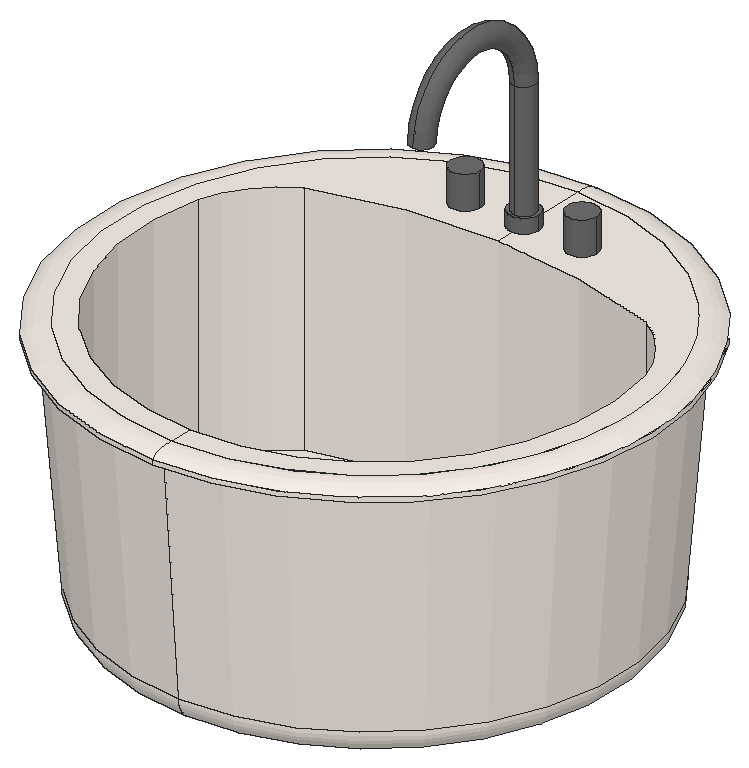
Revit family "M_Vão da pia-Redondo", category Peças hidrossanitárias, Revit 2019
Family settings
  Cota do conector redondo = Utilizar diâmetro
  Tipo de parte = Normal
  Número OmniClass = 23.45.05.14.14
  Título OmniClass = Sinks/Lavatories
  ID de item do Seek = Sink Vanity-Round-0000-CAN-ENU
  Com base no plano de trabalho = Não
  Sempre na vertical = Sim
  Corte com vazios quando carregada = Não
  Compartilhado = Sim
  Ponto de cálculo do ambiente = Não
Parameters (values of type "482 x 482mm")
  Material da cuba = Porcelana, Linho
  Material hidráulico = Aço, Polido
  Topo do balcão [instance] = 750.00 mm
Reference planes
  plane 1: z = 0
  plane 2 "Centro (Esquerda/Direita)": x = 96.652
  plane 3 "Topo do balcão": z = 750
  plane 4: z = 759.525
  plane 5: x = -144.648
  plane 6: x = 337.952
  plane 7: y = 85.168
  plane 8: y = 326.468
  plane 9: y = -156.132
  plane 10: y = 136.253
  plane 11 "frio": x = 147.452
  plane 12 "quente": x = 45.852
  plane 13: y = 247.093
  plane 14 "varrer": x = 96.652
  plane 15: y = 247.093
  plane 16: z = 788.1
  plane 17: z = 534.1
  plane 18: z = 771.76
  plane 19: z = 555.284
Forms (mm)
  Revolve 1, solid, material "Porcelana, Linho" <- "Material da cuba"
    sketch origin (96.652, 0, 0) x (0, 1, 0) y (0, 0, 1)
      loop
        line (326.468, 750) -> (326.468, 753.969)
        arc (326.468, 753.969) -> (316.651, 758.824) -> (305.722, 759.525) r 27.884
        line (305.722, 759.525) -> (85.168, 759.525) -> (85.168, 534.1) -> (277.462, 534.1)
        arc (277.462, 534.1) -> (292.221, 540.344) -> (298.018, 555.284) r 20.566
        line (298.018, 555.284) -> (314.561, 750) -> (326.468, 750)
      axis (85.168, 759.525) -> (85.168, 534.1)
    angle from 0 to 360
  Extrusion 2, solid, material "Aço, Polido" <- "Material hidráulico"
    sketch origin (0, 0, 0) x (1, 0, 0) y (0, 1, 0)
      loop
        circle (147.452, 247.093) r 12.7
    from 788.1 to 759.525
  Extrusion 3, solid, material "Aço, Polido" <- "Material hidráulico"
    sketch origin (-101.6, 0, 0) x (1, 0, 0) y (0, 1, 0)
      loop
        circle (147.452, 247.093) r 12.7
    from 788.1 to 759.525
  Extrusion 4, solid, material "Aço, Polido" <- "Material hidráulico"
    sketch origin (-50.8, 0, 0) x (1, 0, 0) y (0, 1, 0)
      loop
        circle (147.452, 247.093) r 12.7
    from 759.525 to 771.76
  Sweep 5, solid, material "Aço, Polido" <- "Material hidráulico"
    path origin (96.652, 0, 0) x (0, -1, 0) y (0, 0, 1)
      loop
        line (-247.093, 759.525) -> (-247.093, 872.238)
        arc (-247.093, 872.238) -> (-191.673, 927.658) -> (-136.253, 872.238) r 55.42
    profile origin (96.652, 0, 815.881) x (0, 1, 0) y (-1, 0, 0)
      loop
        circle (247.093, 0) r 9.525
  Extrusion 6, void
    sketch origin (0, 0, 0) x (1, 0, 0) y (0, 1, 0)
      loop
        arc (-52.153, 194.086) -> (-80.443, 169.371) -> (-98.17, 136.253) r 104.55
        arc (-98.17, 136.253) -> (96.652, -116.241) -> (291.474, 136.253) r 201.408
        arc (291.474, 136.253) -> (273.746, 169.371) -> (245.457, 194.086) r 104.55
        arc (245.457, 194.086) -> (96.652, 219.266) -> (-52.153, 194.086) r 452.283
    from 759.525 to 555.284
Cuts and joins
  Extrusion 6 cuts Revolve 1
  Extrusion 6 cuts Extrusion 2
  Extrusion 6 cuts Extrusion 3
  Extrusion 6 cuts Extrusion 4
  Extrusion 6 cuts Sweep 5
  joined: Extrusion 4, Sweep 5
Lines and regions (mm)
  Masking region 1
    outline origin (0, 0, 750) x (0, -1, 0) y (1, 0, 0)
      loop
        circle (-85.168, 96.652) r 241.3
  symbolic lines
    curve 1: arc (337.952, 85.168, 750) -> (96.652, 326.468, 750) -> (-144.648, 85.168, 750) r 241.3
    curve 2: arc (-144.648, 85.168, 750) -> (96.652, -156.132, 750) -> (337.952, 85.168, 750) r 241.3
    curve 3: arc (117.289, 85.168, 750) -> (96.652, 105.805, 750) -> (76.014, 85.168, 750) r 20.637
    curve 4: arc (76.014, 85.168, 750) -> (96.652, 64.53, 750) -> (117.289, 85.168, 750) r 20.637
    curve 5: arc (160.152, 247.093, 750) -> (147.452, 259.793, 750) -> (134.752, 247.093, 750) r 12.7
    curve 6: arc (134.752, 247.093, 750) -> (147.452, 234.393, 750) -> (160.152, 247.093, 750) r 12.7
    curve 7: arc (106.177, 247.093, 750) -> (96.652, 256.618, 750) -> (87.127, 247.093, 750) r 9.525
    curve 8: arc (58.552, 247.093, 750) -> (45.852, 259.793, 750) -> (33.152, 247.093, 750) r 12.7
    curve 9: arc (33.152, 247.093, 750) -> (45.852, 234.393, 750) -> (58.552, 247.093, 750) r 12.7
    curve 10: arc (-98.17, 136.253, 750) -> (96.652, -116.241, 750) -> (291.474, 136.253, 750) r 201.408
    curve 11: arc (-98.17, 136.253, 750) -> (-80.443, 169.371, 750) -> (-52.153, 194.086, 750) r 104.55
    curve 12: arc (291.474, 136.253, 750) -> (273.746, 169.371, 750) -> (245.457, 194.086, 750) r 104.55
    curve 13: arc (-52.153, 194.086, 750) -> (16.5, 212.107, 750) -> (87.127, 219.166, 750) r 452.283
    curve 14: line (87.127, 247.093, 750) -> (87.127, 136.253, 750)
    curve 15: line (106.177, 247.093, 750) -> (106.177, 136.253, 750)
    curve 16: arc (87.127, 136.253, 750) -> (96.652, 126.728, 750) -> (106.177, 136.253, 750) r 9.525
    curve 17: arc (106.177, 219.166, 750) -> (176.804, 212.107, 750) -> (245.457, 194.086, 750) r 452.283
Dimensions and locks
  locked: plane 4 to plane 3 "Topo do balcão" at 9.525
  locked: plane 5 to plane 2 "Centro (Esquerda/Direita)" at 241.3
  locked: plane 2 "Centro (Esquerda/Direita)" to plane 6 at 241.3
  plane 7 to plane 8 = 241.30 mm
  plane 9 to plane 7 = 241.30 mm
  locked: plane 12 "quente" to plane 2 "Centro (Esquerda/Direita)" at 50.8
  locked: plane 2 "Centro (Esquerda/Direita)" to plane 11 "frio" at 50.8
  locked: plane 13 to plane 8 at 79.375
  "Topo do balcão": plane 3 "Topo do balcão" to plane 1
  locked: plane 16 to plane 3 "Topo do balcão" at 38.1
  locked: plane 3 "Topo do balcão" to plane 17 at 215.9
  locked: plane 18 to plane 4 at 12.235
  locked: plane 19 to plane 17 at 21.184
  aligned and locked: plane 16 to Extrusion 2
  aligned and locked: plane 4 to Extrusion 2
  aligned and locked: Extrusion 2 to Extrusion 3
  aligned and locked: plane 4 to Extrusion 3
  aligned and locked: Revolve 1 sketch curve to plane 17
  aligned and locked: Extrusion 6 to plane 4
  aligned and locked: plane 4 to Extrusion 4
  aligned and locked: Masking region 1 sketch curve to curve 2
  aligned and locked: Revolve 1 to Extrusion 6
  aligned and locked: cut or joined group of Extrusion 4, Sweep 5, Extrusion 6 to plane 18
Automatic sketch dimensions
  Extrusion 2 sketch curve to plane 13 = 0.00 mm
  Extrusion 2 sketch curve to plane 11 "frio" = 0.00 mm
  Extrusion 2 sketch curve to Extrusion 2 sketch curve = 12.70 mm
  Extrusion 3 sketch curve to Extrusion 3 sketch curve = 12.70 mm
  Extrusion 3 sketch curve to plane 13 = 0.00 mm
  Extrusion 3 sketch curve to plane 11 "frio" = 101.60 mm
  Extrusion 4 sketch curve to Extrusion 4 sketch curve = 12.70 mm
  Extrusion 4 sketch curve to plane 13 = 0.00 mm
  Extrusion 4 sketch curve to plane 11 "frio" = 50.80 mm
  Sweep 5 sketch curve to plane 13 = 0.00 mm
  Sweep 5 sketch curve to plane 10 = 0.00 mm
  Sweep 5 sketch curve to plane 4 = 0.00 mm
  Sweep 5 sketch curve to plane 3 "Topo do balcão" = 122.238 mm
  Sweep 5 sketch curve to plane 14 "varrer" = 0.00 mm
  Sweep 5 sketch curve to profile plane = 0.00 mm
  profile plane to Sweep 5 sketch curve = 9.525 mm
  Revolve 1 sketch curve to plane 7 = 0.00 mm  (x2)
  Revolve 1 sketch curve to level = 0.00 mm
  Revolve 1 sketch curve to plane 4 = 0.00 mm  (x2)
  Revolve 1 sketch curve to plane 3 "Topo do balcão" = 0.00 mm
  Revolve 1 sketch curve to plane 8 = 0.00 mm
  plane 8 to Revolve 1 sketch curve = 49.006 mm
  Revolve 1 sketch curve to Revolve 1 sketch curve = 20.556 mm
  plane 8 to Revolve 1 sketch curve = 20.745 mm
  Revolve 1 sketch curve to Revolve 1 sketch curve = 17.03 mm
  plane 8 to Revolve 1 sketch curve = 11.906 mm
  Revolve 1 sketch curve to Revolve 1 sketch curve = 20.566 mm
  Revolve 1 sketch curve to Revolve 1 sketch curve = 18.111 mm
  Extrusion 6 sketch curve to plane 10 = 0.00 mm  (x2)
  Extrusion 6 sketch curve to plane 2 "Centro (Esquerda/Direita)" = 0.00 mm  (x2)
  Extrusion 6 sketch curve to plane 7 = 0.00 mm
  Extrusion 6 sketch curve to plane 7 = 19.108 mm  (x2)
  Extrusion 6 sketch curve to plane 2 "Centro (Esquerda/Direita)" = 95.283 mm
  Extrusion 6 sketch curve to Extrusion 6 sketch curve = 53.522 mm
  Extrusion 6 sketch curve to Extrusion 6 sketch curve = 46.017 mm
  plane 2 "Centro (Esquerda/Direita)" to Extrusion 6 sketch curve = 95.283 mm
  plane 9 to Extrusion 6 sketch curve = 76.885 mm
  curve 1 to curve 3 = 0.00 mm  (x2)
  curve 1 to curve 10 = 0.00 mm  (x2)
  curve 13 to curve 17 = 0.00 mm  (x2)
  curve 9 to plane 12 "quente" = 0.00 mm
  curve 9 to plane 13 = 0.00 mm
  curve 15 to plane 13 = 0.00 mm
  curve 6 to plane 13 = 0.00 mm
  curve 15 to plane 10 = 0.00 mm
  curve 10 to plane 10 = 0.00 mm
  curve 11 to plane 10 = 0.00 mm
  curve 3 to plane 7 = 0.00 mm
  curve 13 to plane 2 "Centro (Esquerda/Direita)" = 0.00 mm
  curve 1 to plane 5 = 0.00 mm
  curve 4 to plane 2 "Centro (Esquerda/Direita)" = 0.00 mm
  curve 16 to plane 2 "Centro (Esquerda/Direita)" = 0.00 mm
  curve 5 to plane 11 "frio" = 0.00 mm
  curve 7 to curve 13 = 27.927 mm
  curve 17 to curve 13 = 0.00 mm
  plane 13 to curve 12 = 53.007 mm
  curve 12 to plane 7 = 19.108 mm
  curve 11 to plane 7 = 19.108 mm
  curve 11 to plane 5 = 46.478 mm
  curve 10 to curve 11 = 46.017 mm
  curve 8 to plane 12 "quente" = 12.70 mm
  curve 3 to plane 2 "Centro (Esquerda/Direita)" = 20.637 mm
  curve 14 to plane 2 "Centro (Esquerda/Direita)" = 9.525 mm
  curve 6 to plane 11 "frio" = 12.70 mm
  plane 11 "frio" to curve 12 = 44.483 mm
